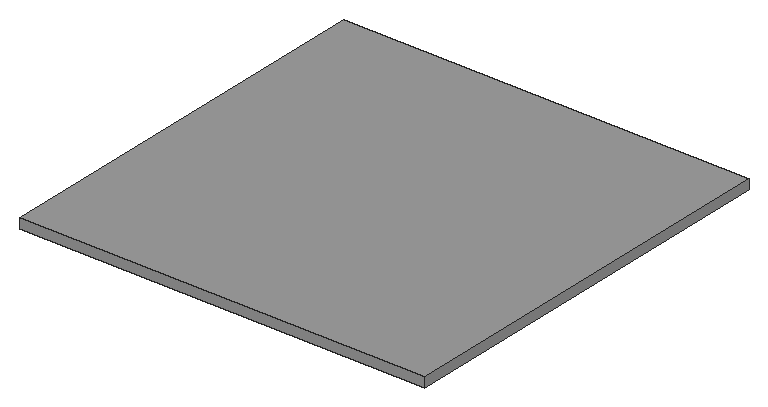
Revit family "WM-MN Suspended Ceiling 95mm Family", category Generic Models, host Ceiling, Revit 2017
Family settings
  Host = Ceiling
  Can host rebar = No
  Round Connector Dimension = Use Diameter
  Part Type = Normal
  Always vertical = Yes
  Cut with Voids When Loaded = No
  Shared = No
  Room Calculation Point = No
Parameters (values of type "Lambdaboard")
  Width = 4000 mm
  URL = "www.rigifoam.com"
  Type Comments = "duncan@rigifoam.com"
  Thermal Resistance = 3.9600 (m²·K)/W
  Thermal Conductivity = 0.0240 W/(m·K)
  Model = "WM/MN Suspended Ceiling 95mm"
  Material = Polyisocyanurate
  Manufacturer = "Lambdaboard"
  Length = 4000 mm
  Description = "Flexible PIR Insulation"
  Depth = 95 mm
  Density = 40.0000 kg/m³
Reference planes
  plane 1 "Center (Front/Back)": y = 0
  plane 2: z = 0
  plane 3 "Center (Left/Right)": x = 0
  plane 4 "Ceiling": z = 4000
Forms (mm)
  Extrusion 1, solid, material "Polyisocyanurate" <- "Material"
    sketch origin (0, 0, 4000) x (0, 1, 0) y (-1, 0, 0)
      loop
        line (2000, 2000) -> (-2000, 2000) -> (-2000, -2000) -> (2000, -2000) -> (2000, 2000)
    from -95 to 0
Dimensions and locks
  equal spacing: host sketch curve, plane 3 "Center (Left/Right)", host sketch curve
  equal spacing: host sketch curve, plane 1 "Center (Front/Back)", host sketch curve
  host sketch curve to host sketch curve = 4000 mm  (x2)
  plane 4 "Ceiling" to host ceiling = 0 mm
  equal spacing: Extrusion 1, plane 3 "Center (Left/Right)", Extrusion 1
  "Length": Extrusion 1 to Extrusion 1
  "Width": Extrusion 1 to Extrusion 1
  "Depth": Extrusion 1 to Extrusion 1
Automatic sketch dimensions
  plane 1 "Center (Front/Back)" to Extrusion 1 sketch curve = 2000 mm
  Extrusion 1 sketch curve to plane 1 "Center (Front/Back)" = 2000 mm
  plane 3 "Center (Left/Right)" to Extrusion 1 sketch curve = 2000 mm
  Extrusion 1 sketch curve to plane 3 "Center (Left/Right)" = 2000 mm
